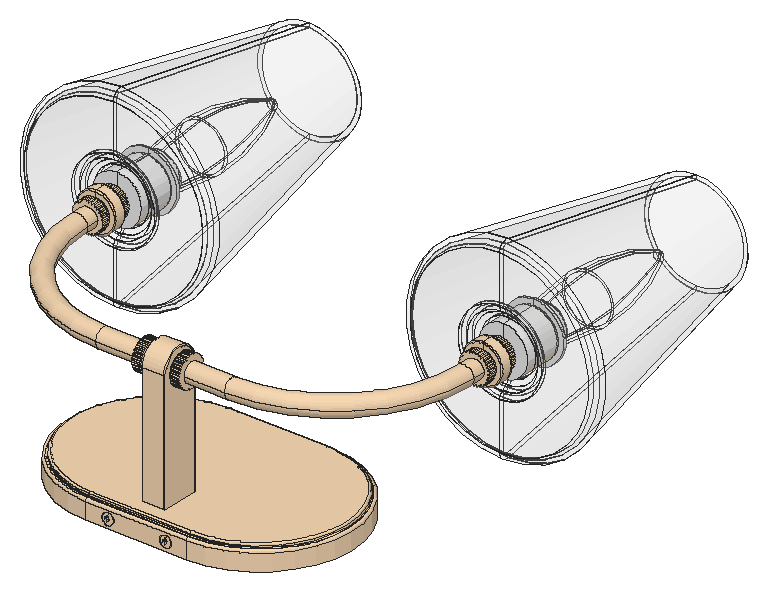
Revit family "Light_Fixture-Wall_Sconce-KOHLER-McGee-K-32256", category Lighting Fixtures, host Face, Revit 2021 (continued)
Types (6): name | Type | Model | Finish
  BNL-Brushed Nickel | 2 | "K-32256-SC02-BNL" | KOHLER-Metal-BNL-Brushed_Nickel
  BLL-Matte Black | 3 | "K-32256-SC02-BLL" | KOHLER-Metal-BLL-Matte_Black
  2GL-Brushed Modern Brass | 4 | "K-32256-SC02-2GL" | KOHLER-Metal-2GL-Brushed_Modern_Brass
  SNL-Polished Nickel | 5 | "K-32256-SC02-SNL" | KOHLER-Metal-SNL-Polished_Nickel
